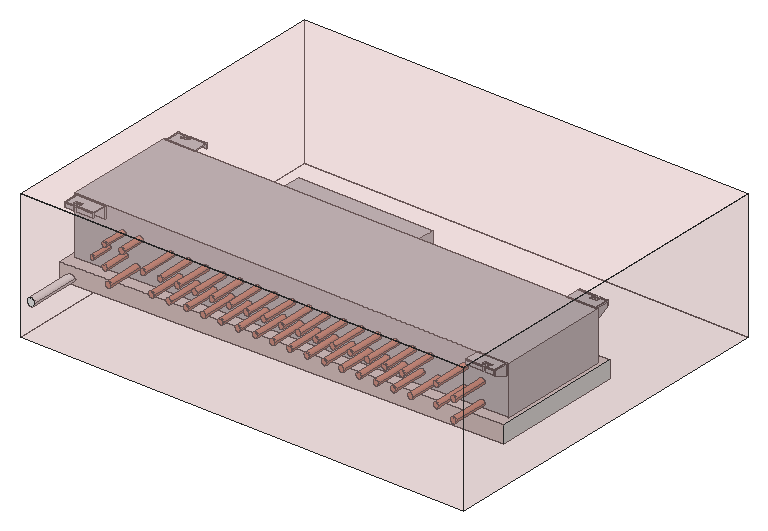
Revit family "CMB-WM1016V-AA", category Mechanical Equipment, host Ceiling, Revit 2016
Family settings
  Host = Ceiling
  Part Type = Normal
  Round Connector Dimension = Use Radius
  OmniClass Number = 23.75.00.00
  OmniClass Title = Climate Control (HVAC)
  Always vertical = Yes
  Cut with Voids When Loaded = No
  Shared = No
  Room Calculation Point = No
Parameters (values of type "CMB-WM1016V-AA_240V_60Hz_To P500")
  Description = "HBC controller"
  Manufacturer = "Mitsubishi Electric Corporation"
  Model = "CMB-WM1016V-AA"
  Width = 1800 mm
  WarrantyStart = ""
  Voltage = 240 V
  Unit Weight (kg) = 98
  URL = "http://www.mitsubishielectric.com/"
  TagNumber = 0
  Subcategory = "HVAC"
  Space View = yes
  Sound Pressure Level (dB(A)) = 41
  SerialNumber = 0
  ReplacementYear = ""
  Phase = 1
  Number of branch = 16
  InstallationDate = ""
  Indoor unit capacity connectable to 1 branch = "Model P80 or smaller (Use optional joint pipe combing 2 branches when the total unit capacity exceeds P81.)"
  Hertz = 60 Hz
  Height = 300 mm
  Heating Power Input (kW) = 0.47
  Heating Current (A) = 2.79
  External Finish = "Galvanized steel plate"
  Equip_description = ""
  Equip_No. = 0
  Equip_ID = ""
  Description = ""
  Depth = 630 mm
  CreatedOn = ""
  CreatedBy = ""
  Cooling Power Input (kW) = 0.47
  Cooling Current (A) = 2.79
  Connection pipe of outdoor/heat source unit (Low pressure)_radius = 11.1 mm
  Connection pipe of outdoor/heat source unit (High pressure)_radius = 9.525 mm
  Connection pipe of indoor unit (Outlet Pipe)_radius (I.D.) = 10 mm
  Connection pipe of indoor unit (Inlet Pipe)_radius (I.D.) = 10 mm
  Connectable Outdoor/Heat source Unit = "PURY-P500YNW-A(-BS)/PURY-EP500YNW-A(-BS)/PURY-P500YLM-A(-BS)/PURY-P500YLM-A1(-BS)/PURY-EP500YLM-A1(-BS)/PQRY-P500YLM-A2/PQRY-P500YLM-A1"
  Category = ""
  Barcode = ""
  AssetIdentifier = ""
Reference planes
  plane 1 "Center (Front/Back)": y = 0
  plane 2: z = 0
  plane 3 "Center (Left/Right)": x = 0
  plane 4 "Ceiling": z = 0.209
  plane 5: x = 740.001
  plane 6: x = -739.999
  plane 7: y = 963.043
  plane 8: y = 1625.043
  plane 9: y = 1625.043
  plane 10: y = 1625.043
  plane 11: y = 225.043
  plane 12: y = -424.957
  plane 13: x = 0
  plane 14: y = -271.474
  plane 15: z = 520.209
  plane 16: z = 420.209
  plane 17: z = 120.209
  plane 18: z = 336.209
  plane 19: z = 266.209
  plane 20: z = 346.209
  plane 21: z = 378.284
  plane 22: z = 240.209
  plane 23: x = -544
  plane 24: x = -474
  plane 25: y = -271.5
  plane 26 "front": y = -224.957
  plane 27: x = -716
  plane 28: z = 144.209
  plane 29: x = -544
  plane 30: z = 272.209
  plane 31: x = -603
  plane 32: x = -536
  plane 33: z = 267.209
  plane 34: x = -488
  plane 35: z = 240
  plane 36: x = 561
  plane 37: x = 631
  plane 38: z = 317.209
  plane 39: z = 347
  plane 40: z = 347.209
  plane 41: z = 269.209
  plane 42: z = 239.209
  plane 43 "31": y = -307.957
  plane 44 "43": y = -319.957
  plane 45 "61": y = -337.957
  plane 46 "63": y = -369.957
  plane 47 "160R": x = 600
  plane 48 "160L": x = -600
  plane 49 "250": y = 513.043
  plane 50: x = 150
  plane 51: x = -150
  plane 52: x = -760
  plane 53: x = 760
  plane 54: y = 353.043
  plane 55: y = -276.957
  plane 56: x = 1040
  plane 57: x = -689.5
  plane 58: x = 969.5
  plane 59 "1601": x = 841
  plane 60 "1671": x = 911
  plane 61: x = 1020
  plane 62 "300_L": x = -460
  plane 63 "300_R": x = 740
Forms (mm)
  Extrusion 1, solid, material "Plated steel"
    sketch origin (2.001, 0.043, 4120) x (-1, 0, 0) y (0, -1, 0)
      loop
        line (-1017.999, 225) -> (-1017.999, -225) -> (742, -225) -> (742, 225) -> (-1017.999, 225)
    from -3962.976 to -3699.791
  Extrusion 2, solid, material "Plated steel"
    sketch origin (569.8, 1.043, 4090.445) x (-1, 0, 0) y (0, 0, 1)
      loop
        line (865.976, -3712.162) -> (322.799, -3712.162) -> (322.799, -3850.236) -> (865.976, -3850.236) -> (865.976, -3712.162)
    from 224 to 352
  Extrusion 3, solid, material "Copper"
    sketch origin (-127.999, 0.043, 113.209) x (-1, 0, 0) y (0, 0, 1)
      loop
        circle (220, 223) r 11
    from -370 to -225
  Extrusion 4, solid, material "Copper"
    sketch origin (-57.999, 0.043, 113.209) x (-1, 0, 0) y (0, 0, 1)
      loop
        circle (220, 223) r 11
    from -370 to -225
  Extrusion 5, solid, material "Copper"
    sketch origin (12.001, 0.043, 113.209) x (-1, 0, 0) y (0, 0, 1)
      loop
        circle (220, 223) r 11
    from -370 to -225
  Extrusion 6, solid, material "Copper"
    sketch origin (82.001, 0.043, 113.209) x (-1, 0, 0) y (0, 0, 1)
      loop
        circle (220, 223) r 11
    from -370 to -225
  Extrusion 7, solid, material "Copper"
    sketch origin (152.001, 0.043, 113.209) x (-1, 0, 0) y (0, 0, 1)
      loop
        circle (220, 223) r 11
    from -370 to -225
  Extrusion 8, solid, material "Copper"
    sketch origin (222.001, 0.043, 113.209) x (-1, 0, 0) y (0, 0, 1)
      loop
        circle (220, 223) r 11
    from -370 to -225
  Extrusion 9, solid, material "Copper"
    sketch origin (292.001, 0.043, 113.209) x (-1, 0, 0) y (0, 0, 1)
      loop
        circle (220, 223) r 11
    from -370 to -225
  Extrusion 10, solid, material "Copper"
    sketch origin (362.401, -29.957, 113) x (-1, 0, 0) y (0, 0, 1)
      loop
        circle (220.382, 223.209) r 11
    from -340 to -195
  Extrusion 11, solid, material "Copper"
    sketch origin (-93, 0.043, 43.209) x (-1, 0, 0) y (0, 0, 1)
      loop
        circle (220, 223) r 11
    from -370 to -225
  Extrusion 12, solid, material "Copper"
    sketch origin (-23, 0.043, 43.209) x (-1, 0, 0) y (0, 0, 1)
      loop
        circle (220, 223) r 11
    from -370 to -225
  Extrusion 13, solid, material "Copper"
    sketch origin (47, 0.043, 43.209) x (-1, 0, 0) y (0, 0, 1)
      loop
        circle (220, 223) r 11
    from -370 to -225
  Extrusion 14, solid, material "Copper"
    sketch origin (117, 0.043, 43.209) x (-1, 0, 0) y (0, 0, 1)
      loop
        circle (220, 223) r 11
    from -370 to -225
  Extrusion 15, solid, material "Copper"
    sketch origin (187, 0.043, 43.209) x (-1, 0, 0) y (0, 0, 1)
      loop
        circle (220, 223) r 11
    from -370 to -225
  Extrusion 16, solid, material "Copper"
    sketch origin (257, 0.043, 43.209) x (-1, 0, 0) y (0, 0, 1)
      loop
        circle (220, 223) r 11
    from -370 to -225
  Extrusion 17, solid, material "Copper"
    sketch origin (327, 0.043, 43.209) x (-1, 0, 0) y (0, 0, 1)
      loop
        circle (220, 223) r 11
    from -370 to -225
  Extrusion 18, solid, material "Copper"
    sketch origin (397, -29.957, 43.209) x (-1, 0, 0) y (0, 0, 1)
      loop
        circle (220, 223) r 11
    from -340 to -195
  Extrusion 19, solid, material "Service space", visible <- "Space View"
    sketch origin (0.001, 0.043, 4120) x (1, 0, 0) y (0, 1, 0)
      loop
        line (1039.999, -477) -> (1039.999, 963) -> (-760.001, 963) -> (-760.001, -477) -> (1039.999, -477)
    from -4119.791 to -3599.791
  Extrusion 20, solid
    sketch origin (0, -224.957, -3999.791) x (0, 0, 1) y (1, 0, 0)
      loop
        circle (4144, -716) r 15.5
    from 0 to -252
  Extrusion 21, solid
    sketch origin (0, -224.957, -3999.791) x (0, 0, 1) y (1, 0, 0)
      loop
        circle (4346, -544) r 9.525
    from 0 to -95
  Extrusion 22, solid
    sketch origin (0, -224.957, -3999.791) x (0, 0, 1) y (1, 0, 0)
      loop
        circle (4346, -474) r 11.1
    from 0 to -95
  Extrusion 23, solid
    sketch origin (0, -224.957, -3999.791) x (0, 0, 1) y (1, 0, 0)
      loop
        circle (4272, -603) r 7.94
    from 0 to -83
  Extrusion 24, solid
    sketch origin (0, -224.957, -3999.791) x (0, 0, 1) y (1, 0, 0)
      loop
        circle (4267, -536) r 11
    from 0 to -103
  Extrusion 25, solid
    sketch origin (0, -224.957, -3999.791) x (0, 0, 1) y (1, 0, 0)
      loop
        circle (4240, -488) r 11
    from 0 to -145
  Extrusion 26, solid
    sketch origin (280, -224.957, -3999.791) x (0, 0, 1) y (1, 0, 0)
      loop
        circle (4347, 561) r 11
    from 0 to -145
  Extrusion 27, solid
    sketch origin (280, -224.957, -3999.791) x (0, 0, 1) y (1, 0, 0)
      loop
        circle (4317, 631) r 11
    from 0 to -145
  Extrusion 28, solid
    sketch origin (280, -224.957, -3999.791) x (0, 0, 1) y (1, 0, 0)
      loop
        circle (4269, 561) r 11
    from 0 to -145
  Extrusion 29, solid
    sketch origin (280, -224.957, -3999.791) x (0, 0, 1) y (1, 0, 0)
      loop
        circle (4239, 631) r 11
    from 0 to -145
  Extrusion 30, solid, material "Copper"
    sketch origin (432.401, -29.957, 113) x (-1, 0, 0) y (0, 0, 1)
      loop
        circle (220.382, 223.209) r 11
    from -340 to -195
  Extrusion 31, solid, material "Copper"
    sketch origin (502.401, -29.957, 113) x (-1, 0, 0) y (0, 0, 1)
      loop
        circle (220.382, 223.209) r 11
    from -340 to -195
  Extrusion 32, solid, material "Copper"
    sketch origin (572.401, -29.957, 113) x (-1, 0, 0) y (0, 0, 1)
      loop
        circle (220.382, 223.209) r 11
    from -340 to -195
  Extrusion 33, solid, material "Copper"
    sketch origin (642.401, -29.957, 113) x (-1, 0, 0) y (0, 0, 1)
      loop
        circle (220.382, 223.209) r 11
    from -340 to -195
  Extrusion 34, solid, material "Copper"
    sketch origin (712.401, -29.957, 113) x (-1, 0, 0) y (0, 0, 1)
      loop
        circle (220.382, 223.209) r 11
    from -340 to -195
  Extrusion 35, solid, material "Copper"
    sketch origin (782.401, -29.957, 113) x (-1, 0, 0) y (0, 0, 1)
      loop
        circle (220.382, 223.209) r 11
    from -340 to -195
  Extrusion 36, solid, material "Copper"
    sketch origin (852.401, -29.957, 113) x (-1, 0, 0) y (0, 0, 1)
      loop
        circle (220.382, 223.209) r 11
    from -340 to -195
  Extrusion 37, solid, material "Copper"
    sketch origin (922.401, -29.957, 113) x (-1, 0, 0) y (0, 0, 1)
      loop
        circle (220.382, 223.209) r 11
    from -340 to -195
  Extrusion 38, solid, material "Copper"
    sketch origin (467, -29.957, 43.209) x (-1, 0, 0) y (0, 0, 1)
      loop
        circle (220, 223) r 11
    from -340 to -195
  Extrusion 39, solid, material "Copper"
    sketch origin (537, -29.957, 43.209) x (-1, 0, 0) y (0, 0, 1)
      loop
        circle (220, 223) r 11
    from -340 to -195
  Extrusion 40, solid, material "Copper"
    sketch origin (607, -29.957, 43.209) x (-1, 0, 0) y (0, 0, 1)
      loop
        circle (220, 223) r 11
    from -340 to -195
  Extrusion 41, solid, material "Copper"
    sketch origin (677, -29.957, 43.209) x (-1, 0, 0) y (0, 0, 1)
      loop
        circle (220, 223) r 11
    from -340 to -195
  Extrusion 42, solid, material "Copper"
    sketch origin (747, -29.957, 43.209) x (-1, 0, 0) y (0, 0, 1)
      loop
        circle (220, 223) r 11
    from -340 to -195
  Extrusion 43, solid, material "Copper"
    sketch origin (817, -29.957, 43.209) x (-1, 0, 0) y (0, 0, 1)
      loop
        circle (220, 223) r 11
    from -340 to -195
  Extrusion 44, solid, material "Copper"
    sketch origin (887, -29.957, 43.209) x (-1, 0, 0) y (0, 0, 1)
      loop
        circle (220, 223) r 11
    from -340 to -195
  Extrusion 45, solid, material "Copper"
    sketch origin (957, -29.957, 43.209) x (-1, 0, 0) y (0, 0, 1)
      loop
        circle (220, 223) r 11
    from -340 to -195
Lines and regions (mm)
  model lines, visible <- "Space View"
    curve 1: line (-460, 963.043, 0.209) -> (-10, 963.043, 0.209)
    curve 2: line (-10, 963.043, 0.209) -> (-10, 513.043, 0.209)
    curve 3: line (-10, 513.043, 0.209) -> (-460, 513.043, 0.209)
    curve 4: line (-460, 513.043, 0.209) -> (-460, 963.043, 0.209)
    curve 5: line (-10, 963.043, 0.209) -> (-460, 513.043, 0.209)
    curve 6: line (-460, 963.043, 0.209) -> (-10, 513.043, 0.209)
    curve 7: line (740, 963.043, 0.209) -> (740, 513.043, 0.209)
    curve 8: line (740, 513.043, 0.209) -> (290, 513.043, 0.209)
    curve 9: line (290, 513.043, 0.209) -> (290, 963.043, 0.209)
    curve 10: line (290, 963.043, 0.209) -> (740, 963.043, 0.209)
    curve 11: line (740, 963.043, 0.209) -> (290, 513.043, 0.209)
    curve 12: line (290, 963.043, 0.209) -> (740, 513.043, 0.209)
Dimensions and locks
  equal spacing: host sketch curve, plane 3 "Center (Left/Right)", host sketch curve
  equal spacing: host sketch curve, plane 1 "Center (Front/Back)", host sketch curve
  host sketch curve to host sketch curve = 4000 mm  (x2)
  locked: plane 4 "Ceiling" to host ceiling at 0
  Extrusion 19 sketch curve to nested 1 = 700 mm
  locked: plane 4 "Ceiling" to plane 15 at 520
  locked: plane 4 "Ceiling" to plane 16 at 420
  locked: Extrusion 1 to plane 16 at 263.185
  locked: plane 17 to plane 16 at 300
  locked: plane 18 to plane 16 at 84
  locked: plane 19 to plane 16 at 154
  locked: plane 21 to plane 4 "Ceiling" at 378.075
  locked: plane 22 to plane 4 "Ceiling" at 240
  locked: Extrusion 19 to plane 27 at 44
  locked: Extrusion 1 to plane 28 at 276
  locked: Extrusion 1 to plane 20 at 74
  locked: Extrusion 19 to plane 29 at 216
  locked: Extrusion 19 to plane 24 at 286
  locked: Extrusion 1 to plane 30 at 148
  locked: Extrusion 19 to plane 31 at 157
  locked: Extrusion 19 to plane 32 at 224
  locked: Extrusion 1 to plane 33 at 153
  locked: Extrusion 19 to plane 34 at 272
  locked: Extrusion 1 to plane 22 at 180
  locked: Extrusion 19 to plane 36 at 1321
  locked: plane 37 to nested 1 at 1391
  locked: Extrusion 1 to plane 38 at 103
  locked: Extrusion 1 to plane 40 at 73
  locked: Extrusion 1 to plane 41 at 151
  locked: Extrusion 1 to plane 42 at 181
  Extrusion 20 to Extrusion 1 = 252 mm
  Extrusion 19 to nested 1 = 700 mm
  equal spacing: group 1, group 2, group 3, group 4, group 5, group 6, group 7, group 8, group 9  (x3)
  equal spacing: group 10, group 11, group 12, group 13, group 14, group 15, group 16, group 17, group 18  (x3)
  locked: nested 1 to plane 46 "63" at 93
  connector elem to plane 3 "Center (Left/Right)" = 137.999 mm
  radius of Extrusion 3 sketch curve = 11 mm
  radius of Extrusion 4 sketch curve = 11 mm
  radius of Extrusion 5 sketch curve = 11 mm
  radius of Extrusion 6 sketch curve = 11 mm
  radius of Extrusion 7 sketch curve = 11 mm
  radius of Extrusion 8 sketch curve = 11 mm
  radius of Extrusion 9 sketch curve = 11 mm
  radius of Extrusion 10 sketch curve = 11 mm
  radius of Extrusion 11 sketch curve = 11 mm
  radius of Extrusion 12 sketch curve = 11 mm
  radius of Extrusion 13 sketch curve = 11 mm
  radius of Extrusion 14 sketch curve = 11 mm
  radius of Extrusion 15 sketch curve = 11 mm
  radius of Extrusion 16 sketch curve = 11 mm
  radius of Extrusion 17 sketch curve = 11 mm
  radius of Extrusion 18 sketch curve = 11 mm
  radius of Extrusion 21 sketch curve = 9.525 mm
  radius of Extrusion 24 sketch curve = 11 mm
  radius of Extrusion 30 sketch curve = 11 mm
  radius of Extrusion 31 sketch curve = 11 mm
  radius of Extrusion 32 sketch curve = 11 mm
  radius of Extrusion 33 sketch curve = 11 mm
  radius of Extrusion 34 sketch curve = 11 mm
  radius of Extrusion 35 sketch curve = 11 mm
  radius of Extrusion 36 sketch curve = 11 mm
  radius of Extrusion 37 sketch curve = 11 mm
  radius of Extrusion 38 sketch curve = 11 mm
  radius of Extrusion 39 sketch curve = 11 mm
  radius of Extrusion 40 sketch curve = 11 mm
  radius of Extrusion 41 sketch curve = 11 mm
  radius of Extrusion 42 sketch curve = 11 mm
  radius of Extrusion 43 sketch curve = 11 mm
  radius of Extrusion 44 sketch curve = 11 mm
  radius of Extrusion 45 sketch curve = 11 mm
  aligned and locked: Extrusion 19 to nested 1
  aligned and locked: host ceiling to Extrusion 19
  aligned and locked: plane 15 to Extrusion 19
  aligned and locked: plane 16 to Extrusion 1
  aligned and locked: plane 16 to nested 2  (x2)
  aligned and locked: plane 16 to nested 4  (x2)
  aligned and locked: plane 17 to nested 1
  aligned and locked: plane 16 to nested 5
  aligned and locked: plane 16 to nested 3
  aligned and locked: plane 18 to Extrusion 3
  aligned and locked: plane 18 to Extrusion 4
  aligned and locked: plane 18 to Extrusion 5
  aligned and locked: plane 18 to Extrusion 6
  aligned and locked: plane 18 to Extrusion 7
  aligned and locked: plane 18 to Extrusion 9
  aligned and locked: plane 18 to Extrusion 10
  aligned and locked: plane 18 to Extrusion 8
  aligned and locked: plane 19 to Extrusion 11
  aligned and locked: plane 19 to Extrusion 12
  aligned and locked: plane 19 to Extrusion 13
  aligned and locked: plane 19 to Extrusion 14
  aligned and locked: plane 19 to Extrusion 15
  aligned and locked: plane 19 to Extrusion 16
  aligned and locked: plane 19 to Extrusion 17
  aligned and locked: plane 19 to Extrusion 18
  aligned and locked: plane 21 to Extrusion 2
  aligned and locked: Extrusion 2 to plane 22
  aligned and locked: Extrusion 2 to plane 21
  aligned and locked: plane 22 to Extrusion 2
  aligned and locked: Extrusion 1 to plane 26 "front"
  aligned and locked: plane 28 to Extrusion 20
  aligned and locked: plane 20 to Extrusion 21
  aligned and locked: plane 20 to Extrusion 22
  aligned and locked: plane 30 to Extrusion 23
  aligned and locked: plane 33 to Extrusion 24
  aligned and locked: plane 22 to Extrusion 25
  aligned and locked: plane 40 to Extrusion 26
  aligned and locked: plane 38 to Extrusion 27
  aligned and locked: plane 41 to Extrusion 28
  aligned and locked: plane 42 to Extrusion 29
  aligned and locked: Extrusion 1 to plane 61
  aligned and locked: plane 46 "63" to Extrusion 3
  aligned and locked: plane 46 "63" to Extrusion 11
  aligned and locked: plane 46 "63" to Extrusion 4
  aligned and locked: plane 46 "63" to Extrusion 12
  aligned and locked: plane 46 "63" to Extrusion 5
  aligned and locked: plane 46 "63" to Extrusion 13
  aligned and locked: plane 46 "63" to Extrusion 6
  aligned and locked: plane 46 "63" to Extrusion 14
  aligned and locked: plane 46 "63" to Extrusion 15
  aligned and locked: plane 46 "63" to Extrusion 7
  aligned and locked: plane 46 "63" to Extrusion 8
  aligned and locked: plane 46 "63" to Extrusion 16
  aligned and locked: plane 46 "63" to Extrusion 9
  aligned and locked: plane 46 "63" to Extrusion 17
  aligned and locked: plane 46 "63" to Extrusion 10
  aligned and locked: Extrusion 10 to Extrusion 1
Nested families
  nested 1: "drain_pac" at (-45, 0.043, 120.209) x (-1, 0, 0) z (0, 0, 1), type "drain_pac"
  nested 2: "turikanagu" at (969.532, 251.069, 417.209), type "turikanagu"
  nested 3: "turikanagu" at (-689.531, -250.984, 417.209) x (-1, 0, 0) z (0, 0, 1), type "turikanagu"
  nested 4: "turikanagu_2" at (-657.331, 251.069, 417.209), type "turikanagu_2"
  nested 5: "turikanagu_2" at (937.332, -250.957, 417.209) x (-1, 0, 0) z (0, 0, 1), type "turikanagu_2"
Connectors
  piping at (-347.999, -369.957, 336.209), diameter 22
    settings: on Extrusion 3, index 65, connector inside diameter 22 mm, connector length 0 mm, flow factor 0, pipe flow 0.0 L/s, pressure drop 0.0 Pa, fitting loss kfactor 0, connector angle 0.00°, fixture units 0, engagement length 0 mm, angle of deflection 0.00°, flow configuration 0, flow direction 1, fitting loss method 0, system type 22, joint type 0, gender type 0, connector reference index -1, connector utility 0, adjustable connector no, is connector primary yes, connector description "Connection pipe from indoor unit"
  piping at (-313, -369.957, 266.209), diameter 22
    settings: on Extrusion 11, index 66, connector inside diameter 22 mm, connector length 0 mm, flow factor 0, pipe flow 0.0 L/s, pressure drop 0.0 Pa, fitting loss kfactor 0, connector angle 0.00°, fixture units 0, engagement length 0 mm, angle of deflection 0.00°, flow configuration 0, flow direction 2, fitting loss method 0, system type 22, joint type 0, gender type 0, connector reference index -1, connector utility 0, adjustable connector no, is connector primary no, connector description "Connection pipe to indoor unit"
  piping at (-277.999, -369.957, 336.209), diameter 22
    settings: on Extrusion 4, index 68, connector inside diameter 22 mm, connector length 0 mm, flow factor 0, pipe flow 0.0 L/s, pressure drop 0.0 Pa, fitting loss kfactor 0, connector angle 0.00°, fixture units 0, engagement length 0 mm, angle of deflection 0.00°, flow configuration 0, flow direction 1, fitting loss method 0, system type 22, joint type 0, gender type 0, connector reference index -1, connector utility 0, adjustable connector no, is connector primary no, connector description "Connection pipe from indoor unit"
  piping at (-207.999, -369.957, 336.209), diameter 22
    settings: on Extrusion 5, index 69, connector inside diameter 22 mm, connector length 0 mm, flow factor 0, pipe flow 0.0 L/s, pressure drop 0.0 Pa, fitting loss kfactor 0, connector angle 0.00°, fixture units 0, engagement length 0 mm, angle of deflection 0.00°, flow configuration 0, flow direction 1, fitting loss method 0, system type 22, joint type 0, gender type 0, connector reference index -1, connector utility 0, adjustable connector no, is connector primary no, connector description "Connection pipe from indoor unit"
  piping at (-137.999, -369.957, 336.209), diameter 22
    settings: on Extrusion 6, index 70, connector inside diameter 22 mm, connector length 0 mm, flow factor 0, pipe flow 0.0 L/s, pressure drop 0.0 Pa, fitting loss kfactor 0, connector angle 0.00°, fixture units 0, engagement length 0 mm, angle of deflection 0.00°, flow configuration 0, flow direction 1, fitting loss method 0, system type 22, joint type 0, gender type 0, connector reference index -1, connector utility 0, adjustable connector no, is connector primary no, connector description "Connection pipe from indoor unit"
  piping at (-67.999, -369.957, 336.209), diameter 22
    settings: on Extrusion 7, index 71, connector inside diameter 22 mm, connector length 0 mm, flow factor 0, pipe flow 0.0 L/s, pressure drop 0.0 Pa, fitting loss kfactor 0, connector angle 0.00°, fixture units 0, engagement length 0 mm, angle of deflection 0.00°, flow configuration 0, flow direction 1, fitting loss method 0, system type 22, joint type 0, gender type 0, connector reference index -1, connector utility 0, adjustable connector no, is connector primary no, connector description "Connection pipe from indoor unit"
  piping at (2.001, -369.957, 336.209), diameter 22
    settings: on Extrusion 8, index 72, connector inside diameter 22 mm, connector length 0 mm, flow factor 0, pipe flow 0.0 L/s, pressure drop 0.0 Pa, fitting loss kfactor 0, connector angle 0.00°, fixture units 0, engagement length 0 mm, angle of deflection 0.00°, flow configuration 0, flow direction 1, fitting loss method 0, system type 22, joint type 0, gender type 0, connector reference index -1, connector utility 0, adjustable connector no, is connector primary no, connector description "Connection pipe from indoor unit"
  piping at (72.001, -369.957, 336.209), diameter 22
    settings: on Extrusion 9, index 73, connector inside diameter 22 mm, connector length 0 mm, flow factor 0, pipe flow 0.0 L/s, pressure drop 0.0 Pa, fitting loss kfactor 0, connector angle 0.00°, fixture units 0, engagement length 0 mm, angle of deflection 0.00°, flow configuration 0, flow direction 1, fitting loss method 0, system type 22, joint type 0, gender type 0, connector reference index -1, connector utility 0, adjustable connector no, is connector primary no, connector description "Connection pipe from indoor unit"
  piping at (142.019, -369.957, 336.209), diameter 22
    settings: on Extrusion 10, index 74, connector inside diameter 22 mm, connector length 0 mm, flow factor 0, pipe flow 0.0 L/s, pressure drop 0.0 Pa, fitting loss kfactor 0, connector angle 0.00°, fixture units 0, engagement length 0 mm, angle of deflection 0.00°, flow configuration 0, flow direction 1, fitting loss method 0, system type 22, joint type 0, gender type 0, connector reference index -1, connector utility 0, adjustable connector no, is connector primary no, connector description "Connection pipe from indoor unit"
  piping at (-243, -369.957, 266.209), diameter 22
    settings: on Extrusion 12, index 75, connector inside diameter 22 mm, connector length 0 mm, flow factor 0, pipe flow 0.0 L/s, pressure drop 0.0 Pa, fitting loss kfactor 0, connector angle 0.00°, fixture units 0, engagement length 0 mm, angle of deflection 0.00°, flow configuration 0, flow direction 2, fitting loss method 0, system type 22, joint type 0, gender type 0, connector reference index -1, connector utility 0, adjustable connector no, is connector primary no, connector description "Connection pipe to indoor unit"
  piping at (-173, -369.957, 266.209), diameter 22
    settings: on Extrusion 13, index 76, connector inside diameter 22 mm, connector length 0 mm, flow factor 0, pipe flow 0.0 L/s, pressure drop 0.0 Pa, fitting loss kfactor 0, connector angle 0.00°, fixture units 0, engagement length 0 mm, angle of deflection 0.00°, flow configuration 0, flow direction 2, fitting loss method 0, system type 22, joint type 0, gender type 0, connector reference index -1, connector utility 0, adjustable connector no, is connector primary no, connector description "Connection pipe to indoor unit"
  piping at (-103, -369.957, 266.209), diameter 22
    settings: on Extrusion 14, index 77, connector inside diameter 22 mm, connector length 0 mm, flow factor 0, pipe flow 0.0 L/s, pressure drop 0.0 Pa, fitting loss kfactor 0, connector angle 0.00°, fixture units 0, engagement length 0 mm, angle of deflection 0.00°, flow configuration 0, flow direction 2, fitting loss method 0, system type 22, joint type 0, gender type 0, connector reference index -1, connector utility 0, adjustable connector no, is connector primary no, connector description "Connection pipe to indoor unit"
  piping at (-33, -369.957, 266.209), diameter 22
    settings: on Extrusion 15, index 78, connector inside diameter 22 mm, connector length 0 mm, flow factor 0, pipe flow 0.0 L/s, pressure drop 0.0 Pa, fitting loss kfactor 0, connector angle 0.00°, fixture units 0, engagement length 0 mm, angle of deflection 0.00°, flow configuration 0, flow direction 2, fitting loss method 0, system type 22, joint type 0, gender type 0, connector reference index -1, connector utility 0, adjustable connector no, is connector primary no, connector description "Connection pipe to indoor unit"
  piping at (37, -369.957, 266.209), diameter 22
    settings: on Extrusion 16, index 79, connector inside diameter 22 mm, connector length 0 mm, flow factor 0, pipe flow 0.0 L/s, pressure drop 0.0 Pa, fitting loss kfactor 0, connector angle 0.00°, fixture units 0, engagement length 0 mm, angle of deflection 0.00°, flow configuration 0, flow direction 2, fitting loss method 0, system type 22, joint type 0, gender type 0, connector reference index -1, connector utility 0, adjustable connector no, is connector primary no, connector description "Connection pipe to indoor unit"
  piping at (107, -369.957, 266.209), diameter 22
    settings: on Extrusion 17, index 80, connector inside diameter 22 mm, connector length 0 mm, flow factor 0, pipe flow 0.0 L/s, pressure drop 0.0 Pa, fitting loss kfactor 0, connector angle 0.00°, fixture units 0, engagement length 0 mm, angle of deflection 0.00°, flow configuration 0, flow direction 2, fitting loss method 0, system type 22, joint type 0, gender type 0, connector reference index -1, connector utility 0, adjustable connector no, is connector primary no, connector description "Connection pipe to indoor unit"
  piping at (177, -369.957, 266.209), diameter 22
    settings: on Extrusion 18, index 81, connector inside diameter 22 mm, connector length 0 mm, flow factor 0, pipe flow 0.0 L/s, pressure drop 0.0 Pa, fitting loss kfactor 0, connector angle 0.00°, fixture units 0, engagement length 0 mm, angle of deflection 0.00°, flow configuration 0, flow direction 2, fitting loss method 0, system type 22, joint type 0, gender type 0, connector reference index -1, connector utility 0, adjustable connector no, is connector primary no, connector description "Connection pipe to indoor unit"
  piping at (841, -369.957, 347.209), diameter 22
    settings: on Extrusion 26, index 100, connector inside diameter 22 mm, connector length 0 mm, flow factor 0, pipe flow 0.0 L/s, pressure drop 0.0 Pa, fitting loss kfactor 0, connector angle 0.00°, fixture units 0, engagement length 0 mm, angle of deflection 0.00°, flow configuration 0, flow direction 2, fitting loss method 0, system type 22, joint type 0, gender type 0, connector reference index -1, connector utility 0, adjustable connector no, is connector primary no, connector description "Connection pipe to SUB HBC"
  piping at (911, -369.957, 317.209), diameter 22
    settings: on Extrusion 27, index 101, connector inside diameter 22 mm, connector length 0 mm, flow factor 0, pipe flow 0.0 L/s, pressure drop 0.0 Pa, fitting loss kfactor 0, connector angle 0.00°, fixture units 0, engagement length 0 mm, angle of deflection 0.00°, flow configuration 0, flow direction 1, fitting loss method 0, system type 22, joint type 0, gender type 0, connector reference index -1, connector utility 0, adjustable connector no, is connector primary no, connector description "Connection pipe from SUB HBC"
  piping at (841, -369.957, 269.209), diameter 22
    settings: on Extrusion 28, index 103, connector inside diameter 22 mm, connector length 0 mm, flow factor 0, pipe flow 0.0 L/s, pressure drop 0.0 Pa, fitting loss kfactor 0, connector angle 0.00°, fixture units 0, engagement length 0 mm, angle of deflection 0.00°, flow configuration 0, flow direction 2, fitting loss method 0, system type 22, joint type 0, gender type 0, connector reference index -1, connector utility 0, adjustable connector no, is connector primary no, connector description "Connection pipe to SUB HBC"
  electrical at (247.001, 289.043, 309.246), driven by "Phase", driven by "Voltage"
    settings: on Extrusion 2, index 105, voltage 240 V, apparent load 0 VA, apparent load phase1 0 VA, apparent load phase2 0 VA, apparent load phase3 0 VA, power factor 1, load classification "Other", number of poles 1, system type 30, power factor state 1, is connector primary yes, connector utility no, sub classification motor no, connector description ""
  piping at (-716, -476.957, 144.209), diameter 32
    settings: on Extrusion 20, index 106, connector inside diameter 32 mm, connector length 0 mm, flow factor 0, pipe flow 0.0 L/s, pressure drop 0.0 Pa, fitting loss kfactor 0, connector angle 0.00°, fixture units 0, engagement length 0 mm, angle of deflection 0.00°, flow configuration 0, flow direction 2, fitting loss method 0, system type 22, joint type 0, gender type 0, connector reference index -1, connector utility 0, adjustable connector no, is connector primary no, connector description "Drain pipe"
  piping at (-488, -369.957, 240.209), diameter 22
    settings: on Extrusion 25, index 107, connector inside diameter 22 mm, connector length 0 mm, flow factor 0, pipe flow 0.0 L/s, pressure drop 0.0 Pa, fitting loss kfactor 0, connector angle 0.00°, fixture units 0, engagement length 0 mm, angle of deflection 0.00°, flow configuration 0, flow direction 1, fitting loss method 0, system type 22, joint type 0, gender type 0, connector reference index -1, connector utility 0, adjustable connector no, is connector primary no, connector description "Water pipe (Inlet)"
  piping at (-536, -327.957, 267.209), diameter 22
    settings: on Extrusion 24, index 108, connector inside diameter 22 mm, connector length 0 mm, flow factor 0, pipe flow 0.0 L/s, pressure drop 0.0 Pa, fitting loss kfactor 0, connector angle 0.00°, fixture units 0, engagement length 0 mm, angle of deflection 0.00°, flow configuration 0, flow direction 2, fitting loss method 0, system type 22, joint type 0, gender type 0, connector reference index -1, connector utility 0, adjustable connector no, is connector primary no, connector description "Water pipe (EXP. Tank)"
  piping at (-474, -319.957, 346.209), diameter 22.2
    settings: on Extrusion 22, index 109, connector inside diameter 22.2 mm, connector length 0 mm, flow factor 0, pipe flow 0.0 L/s, pressure drop 0.0 Pa, fitting loss kfactor 0, connector angle 0.00°, fixture units 0, engagement length 0 mm, angle of deflection 0.00°, flow configuration 0, flow direction 0, fitting loss method 0, system type 22, joint type 0, gender type 0, connector reference index -1, connector utility 0, adjustable connector no, is connector primary no, connector description "Connection pipe of outdoor/heat source unit (Low pressure)"
  piping at (-603, -307.957, 272.209), diameter 15.8
    settings: on Extrusion 23, index 110, connector inside diameter 15.8 mm, connector length 0 mm, flow factor 0, pipe flow 0.0 L/s, pressure drop 0.0 Pa, fitting loss kfactor 0, connector angle 0.00°, fixture units 0, engagement length 0 mm, angle of deflection 0.00°, flow configuration 0, flow direction 1, fitting loss method 0, system type 22, joint type 0, gender type 0, connector reference index -1, connector utility 0, adjustable connector no, is connector primary no, connector description "Connection pipe from MAIN HBC"
  piping at (-544, -319.957, 346.209), diameter 19
    settings: on Extrusion 21, index 111, connector inside diameter 19 mm, connector length 0 mm, flow factor 0, pipe flow 0.0 L/s, pressure drop 0.0 Pa, fitting loss kfactor 0, connector angle 0.00°, fixture units 0, engagement length 0 mm, angle of deflection 0.00°, flow configuration 0, flow direction 0, fitting loss method 0, system type 22, joint type 0, gender type 0, connector reference index -1, connector utility 0, adjustable connector no, is connector primary no, connector description "Connection pipe of outdoor/heat source unit (High pressure)"
  piping at (212.019, -369.957, 336.209), diameter 22
    settings: on Extrusion 30, index 112, connector inside diameter 22 mm, connector length 0 mm, flow factor 0, pipe flow 0.0 L/s, pressure drop 0.0 Pa, fitting loss kfactor 0, connector angle 0.00°, fixture units 0, engagement length 0 mm, angle of deflection 0.00°, flow configuration 0, flow direction 1, fitting loss method 0, system type 22, joint type 0, gender type 0, connector reference index -1, connector utility 0, adjustable connector no, is connector primary no, connector description "Connection pipe from indoor unit"
  piping at (282.019, -369.957, 336.209), diameter 22
    settings: on Extrusion 31, index 113, connector inside diameter 22 mm, connector length 0 mm, flow factor 0, pipe flow 0.0 L/s, pressure drop 0.0 Pa, fitting loss kfactor 0, connector angle 0.00°, fixture units 0, engagement length 0 mm, angle of deflection 0.00°, flow configuration 0, flow direction 1, fitting loss method 0, system type 22, joint type 0, gender type 0, connector reference index -1, connector utility 0, adjustable connector no, is connector primary no, connector description "Connection pipe from indoor unit"
  piping at (352.019, -369.957, 336.209), diameter 22
    settings: on Extrusion 32, index 114, connector inside diameter 22 mm, connector length 0 mm, flow factor 0, pipe flow 0.0 L/s, pressure drop 0.0 Pa, fitting loss kfactor 0, connector angle 0.00°, fixture units 0, engagement length 0 mm, angle of deflection 0.00°, flow configuration 0, flow direction 1, fitting loss method 0, system type 22, joint type 0, gender type 0, connector reference index -1, connector utility 0, adjustable connector no, is connector primary no, connector description "Connection pipe from indoor unit"
  piping at (422.019, -369.957, 336.209), diameter 22
    settings: on Extrusion 33, index 115, connector inside diameter 22 mm, connector length 0 mm, flow factor 0, pipe flow 0.0 L/s, pressure drop 0.0 Pa, fitting loss kfactor 0, connector angle 0.00°, fixture units 0, engagement length 0 mm, angle of deflection 0.00°, flow configuration 0, flow direction 1, fitting loss method 0, system type 22, joint type 0, gender type 0, connector reference index -1, connector utility 0, adjustable connector no, is connector primary no, connector description "Connection pipe from indoor unit"
  piping at (492.019, -369.957, 336.209), diameter 22
    settings: on Extrusion 34, index 116, connector inside diameter 22 mm, connector length 0 mm, flow factor 0, pipe flow 0.0 L/s, pressure drop 0.0 Pa, fitting loss kfactor 0, connector angle 0.00°, fixture units 0, engagement length 0 mm, angle of deflection 0.00°, flow configuration 0, flow direction 1, fitting loss method 0, system type 22, joint type 0, gender type 0, connector reference index -1, connector utility 0, adjustable connector no, is connector primary no, connector description "Connection pipe from indoor unit"
  piping at (562.019, -369.957, 336.209), diameter 22
    settings: on Extrusion 35, index 117, connector inside diameter 22 mm, connector length 0 mm, flow factor 0, pipe flow 0.0 L/s, pressure drop 0.0 Pa, fitting loss kfactor 0, connector angle 0.00°, fixture units 0, engagement length 0 mm, angle of deflection 0.00°, flow configuration 0, flow direction 1, fitting loss method 0, system type 22, joint type 0, gender type 0, connector reference index -1, connector utility 0, adjustable connector no, is connector primary no, connector description "Connection pipe from indoor unit"
  piping at (632.019, -369.957, 336.209), diameter 22
    settings: on Extrusion 36, index 118, connector inside diameter 22 mm, connector length 0 mm, flow factor 0, pipe flow 0.0 L/s, pressure drop 0.0 Pa, fitting loss kfactor 0, connector angle 0.00°, fixture units 0, engagement length 0 mm, angle of deflection 0.00°, flow configuration 0, flow direction 1, fitting loss method 0, system type 22, joint type 0, gender type 0, connector reference index -1, connector utility 0, adjustable connector no, is connector primary no, connector description "Connection pipe from indoor unit"
  piping at (702.019, -369.957, 336.209), diameter 22
    settings: on Extrusion 37, index 119, connector inside diameter 22 mm, connector length 0 mm, flow factor 0, pipe flow 0.0 L/s, pressure drop 0.0 Pa, fitting loss kfactor 0, connector angle 0.00°, fixture units 0, engagement length 0 mm, angle of deflection 0.00°, flow configuration 0, flow direction 1, fitting loss method 0, system type 22, joint type 0, gender type 0, connector reference index -1, connector utility 0, adjustable connector no, is connector primary no, connector description "Connection pipe from indoor unit"
  piping at (247, -369.957, 266.209), diameter 22
    settings: on Extrusion 38, index 120, connector inside diameter 22 mm, connector length 0 mm, flow factor 0, pipe flow 0.0 L/s, pressure drop 0.0 Pa, fitting loss kfactor 0, connector angle 0.00°, fixture units 0, engagement length 0 mm, angle of deflection 0.00°, flow configuration 0, flow direction 2, fitting loss method 0, system type 22, joint type 0, gender type 0, connector reference index -1, connector utility 0, adjustable connector no, is connector primary no, connector description "Connection pipe to indoor unit"
  piping at (317, -369.957, 266.209), diameter 22
    settings: on Extrusion 39, index 121, connector inside diameter 22 mm, connector length 0 mm, flow factor 0, pipe flow 0.0 L/s, pressure drop 0.0 Pa, fitting loss kfactor 0, connector angle 0.00°, fixture units 0, engagement length 0 mm, angle of deflection 0.00°, flow configuration 0, flow direction 2, fitting loss method 0, system type 22, joint type 0, gender type 0, connector reference index -1, connector utility 0, adjustable connector no, is connector primary no, connector description "Connection pipe to indoor unit"
  piping at (387, -369.957, 266.209), diameter 22
    settings: on Extrusion 40, index 122, connector inside diameter 22 mm, connector length 0 mm, flow factor 0, pipe flow 0.0 L/s, pressure drop 0.0 Pa, fitting loss kfactor 0, connector angle 0.00°, fixture units 0, engagement length 0 mm, angle of deflection 0.00°, flow configuration 0, flow direction 2, fitting loss method 0, system type 22, joint type 0, gender type 0, connector reference index -1, connector utility 0, adjustable connector no, is connector primary no, connector description "Connection pipe to indoor unit"
  piping at (457, -369.957, 266.209), diameter 22
    settings: on Extrusion 41, index 123, connector inside diameter 22 mm, connector length 0 mm, flow factor 0, pipe flow 0.0 L/s, pressure drop 0.0 Pa, fitting loss kfactor 0, connector angle 0.00°, fixture units 0, engagement length 0 mm, angle of deflection 0.00°, flow configuration 0, flow direction 2, fitting loss method 0, system type 22, joint type 0, gender type 0, connector reference index -1, connector utility 0, adjustable connector no, is connector primary no, connector description "Connection pipe to indoor unit"
  piping at (527, -369.957, 266.209), diameter 22
    settings: on Extrusion 42, index 124, connector inside diameter 22 mm, connector length 0 mm, flow factor 0, pipe flow 0.0 L/s, pressure drop 0.0 Pa, fitting loss kfactor 0, connector angle 0.00°, fixture units 0, engagement length 0 mm, angle of deflection 0.00°, flow configuration 0, flow direction 2, fitting loss method 0, system type 22, joint type 0, gender type 0, connector reference index -1, connector utility 0, adjustable connector no, is connector primary no, connector description "Connection pipe to indoor unit"
  piping at (597, -369.957, 266.209), diameter 22
    settings: on Extrusion 43, index 125, connector inside diameter 22 mm, connector length 0 mm, flow factor 0, pipe flow 0.0 L/s, pressure drop 0.0 Pa, fitting loss kfactor 0, connector angle 0.00°, fixture units 0, engagement length 0 mm, angle of deflection 0.00°, flow configuration 0, flow direction 2, fitting loss method 0, system type 22, joint type 0, gender type 0, connector reference index -1, connector utility 0, adjustable connector no, is connector primary no, connector description "Connection pipe to indoor unit"
  piping at (667, -369.957, 266.209), diameter 22
    settings: on Extrusion 44, index 126, connector inside diameter 22 mm, connector length 0 mm, flow factor 0, pipe flow 0.0 L/s, pressure drop 0.0 Pa, fitting loss kfactor 0, connector angle 0.00°, fixture units 0, engagement length 0 mm, angle of deflection 0.00°, flow configuration 0, flow direction 2, fitting loss method 0, system type 22, joint type 0, gender type 0, connector reference index -1, connector utility 0, adjustable connector no, is connector primary no, connector description "Connection pipe to indoor unit"
  piping at (737, -369.957, 266.209), diameter 22
    settings: on Extrusion 45, index 127, connector inside diameter 22 mm, connector length 0 mm, flow factor 0, pipe flow 0.0 L/s, pressure drop 0.0 Pa, fitting loss kfactor 0, connector angle 0.00°, fixture units 0, engagement length 0 mm, angle of deflection 0.00°, flow configuration 0, flow direction 2, fitting loss method 0, system type 22, joint type 0, gender type 0, connector reference index -1, connector utility 0, adjustable connector no, is connector primary no, connector description "Connection pipe to indoor unit"
  piping at (911, -369.957, 239.209), diameter 22.2
    settings: on Extrusion 29, index 128, connector inside diameter 609.6 mm, connector length 0 mm, flow factor 0, pipe flow 0.0 L/s, pressure drop 0.0 Pa, fitting loss kfactor 0, connector angle 0.00°, fixture units 0, engagement length 0 mm, angle of deflection 0.00°, flow configuration 0, flow direction 1, fitting loss method 0, system type 22, joint type 0, gender type 0, connector reference index -1, connector utility 0, adjustable connector no, is connector primary no, connector description ""
Definition of nested family "drain_pac"
  Parameters
    Manufacturer = "Mitsubishi Electric Corporation\r\n"
    Voltage = 0 V
    Unit Weight (kg) = 0
    URL = "http://global.mitsubishielectric.com/"
    Subcategory = "HVAC\r\n"
    Space View = yes
    Sound Pressure Level_Mid2 (dB(A)) = 0
    Sound Pressure Level_Mid1 (dB(A)) = 0
    Sound Pressure Level_Mid (dB(A)) = 0
    Sound Pressure Level_Low (dB(A)) = 0
    Sound Pressure Level_High (dB(A)) = 0
    Sound Pressure Level (dB(A)) = 0
    Refrigerant type = ""
    Refrigerant Charge (kg) = 0
    Protection Devices_Inverter circuit (COMP./FAN) = ""
    Protection Devices_High pressure (MPa) = ""
    Protection Devices_Fan motor = ""
    Protection Devices_Compressor = ""
    Protection Device = ""
    Phase = 1
    Maximum Overcurrent Protection (A) = 0
    Maximum Circuit Ampacity (A) = 0
    Indoor Unit Total Capacity = ""
    Indoor Unit Model/Quantity = ""
    Hertz = 0 Hz
    Heating Power Input (kW) = 0
    Heating Current (A) = 0
    Heating Capacity (BTU) = 0
    Fan_Type = ""
    Fan_Quantity = 0
    Fan Motor Output (kW) = 0
    External Material = ""
    Cooling Power Input (kW) = 0
    Cooling Current (A) = 0
    Cooling Capacity (BTU) = 0
    Connectable Outdoor Unit = ""
    Compressor_Type = ""
    Compressor_Quantity = 0
    Compressor_Lubricant = ""
    Compressor Motor Output (kW) = 0
    Compressor Case Heater (kW) = 0
    Airflow Rate_Mid2 (cfm) = 0
    Airflow Rate_Mid1 (cfm) = 0
    Airflow Rate_Mid (cfm) = 0
    Airflow Rate_Low (cfm) = 0
    Airflow Rate_High (cfm) = 0
    Airflow Rate (cfm) = 0
  Reference planes
    plane 1 "中心(正面/背面)": y = 0
    plane 2: z = 0
    plane 3 "中心(左/右)": x = -45
    plane 4: y = 277
    plane 5: x = 715
    plane 6: y = -263
    plane 7: x = -1085
    plane 8 "1800": x = -1085
  Forms (mm)
    Extrusion 1, solid
      sketch origin (-150, 0, 0) x (-1, 0, 0) y (0, 0, 1)
        loop
          line (-865, 0) -> (935, 37.973) -> (935, 105.907) -> (-865, 67.934) -> (-865, 0)
      from -263 to 277
  Dimensions and locks
    aligned and locked: plane 4 to Extrusion 1
Definition of nested family "turikanagu"
  Parameters
    Width = 0 mm
    Voltage = 0 V
    Unit Weight (kg) = 0
    URL = "http://www.mitsubishielectric.com/"
    Subcategory = "HVAC"
    Space View = yes
    Sound Pressure Level_Mid2 (dB(A)) = 0
    Sound Pressure Level_Mid1 (dB(A)) = 0
    Sound Pressure Level_Low (dB(A)) = 0
    Sound Pressure Level_High (dB(A)) = 0
    Phase = 1
    Manufacturer = "Mitsubishi Electric Corporation"
    Liquid pipe_radius = 0 mm
    Hertz = 0 Hz
    Height = 0 mm
    Heating Power Input (kW) = 0
    Heating Current (A) = 0
    Gas pipe_radius = 0 mm
    Fan_Type = ""
    Fan_Quantity = 0
    Fan Motor Output (kW) = 0
    External Finish = ""
    Drain pipe_radius = 0 mm
    Depth = 0 mm
    Cooling Power Input (kW) = 0
    Cooling Current (A) = 0
    Airflow Rate_Mid2 (m3/min) = 0
    Airflow Rate_Mid1 (m3/min) = 0
    Airflow Rate_Low (m3/min) = 0
    Airflow Rate_High (m3/min) = 0
  Reference planes
    plane 1 "Center (Front/Back)": y = 0
    plane 2: z = 0
    plane 3 "Center (Left/Right)": x = 0
    plane 4 "F": y = 37.5
    plane 5 "R": x = 42.319
    plane 6 "b": y = -37.5
    plane 7: x = 6
    plane 8: x = -6
    plane 9: x = 6
    plane 10: y = -19
    plane 11: y = -26
    plane 12: x = -74.681
  Forms (mm)
    Extrusion 1, solid
      sketch origin (-510.395, -78.393, 0) x (1, 0, 0) y (0, 1, 0)
        loop
          line (435.714, 115.893) -> (435.714, 52.393) -> (552.714, 52.393) -> (552.714, 115.893) -> (435.714, 115.893)
      from 0 to 3
    Extrusion 2, void
      sketch origin (0, -37.5, 0) x (1, 0, 0) y (0, 1, 0)
        loop
          line (-6, 75) -> (-6, 65) -> (-12.974, 65)
          arc (-12.974, 65) -> (-14.407, 64.407) -> (-15, 62.974) r 2.026
          line (-15, 62.974) -> (-15, 52.973)
          arc (-15, 52.973) -> (-14.422, 51.578) -> (-13.027, 51) r 1.973
          line (-13.027, 51) -> (12.963, 51)
          arc (12.963, 51) -> (14.403, 51.597) -> (15, 53.037) r 2.037
          line (15, 53.037) -> (15, 62.996)
          arc (15, 62.996) -> (14.413, 64.413) -> (12.996, 65) r 2.004
          line (12.996, 65) -> (6, 65) -> (6, 75) -> (-6, 75)
      from 0 to 3
    Extrusion 3, solid
      sketch origin (0, -37.5, 0) x (-1, 0, 0) y (0, 0, 1)
        loop
          line (74.681, 3) -> (-42.319, 3) -> (-42.319, -45) -> (74.681, -45) -> (74.681, 3)
      from 11.5 to 14.5
    Extrusion 4, solid
      sketch origin (0, 37.5, 0) x (1, 0, 0) y (0, 0, 1)
        loop
          line (42.319, 3) -> (-74.681, 3) -> (-74.681, -15.622) -> (42.319, -15.622) -> (42.319, 3)
      from 0 to 3
    Extrusion 5, void
      sketch origin (0, 37.5, 0) x (1, 0, 0) y (0, 0, 1)
        loop
          line (6, 3) -> (-6, 3) -> (-6, -15.622) -> (6, -15.622) -> (6, 3)
      from 0 to 3
    Extrusion 6, solid
      sketch origin (42.319, 0, 0) x (0, -1, 0) y (0, 0, 1)
        loop
          line (26, 3) -> (-37.5, 3) -> (-37.5, -15.622) -> (23, -45) -> (26, -45) -> (26, 3)
      from 0 to 3
  Cuts and joins
    Extrusion 2, Extrusion 5 cuts Extrusion 1
    Extrusion 5 cuts Extrusion 4
  Dimensions and locks
    plane 3 "Center (Left/Right)" to Extrusion 1 = 42.319 mm
    Extrusion 1 to Extrusion 1 = 63.5 mm
    cut or joined group of Extrusion 1, Extrusion 2, Extrusion 5 to cut or joined group of Extrusion 1, Extrusion 2, Extrusion 5 = 117 mm
    aligned and locked: level to plane 2
Definition of nested family "turikanagu_2"
  Parameters
    Width = 0 mm
    Voltage = 0 V
    Unit Weight (kg) = 0
    URL = "http://www.mitsubishielectric.com/"
    Subcategory = "HVAC"
    Space View = yes
    Sound Pressure Level_Mid2 (dB(A)) = 0
    Sound Pressure Level_Mid1 (dB(A)) = 0
    Sound Pressure Level_Low (dB(A)) = 0
    Sound Pressure Level_High (dB(A)) = 0
    Phase = 1
    Manufacturer = "Mitsubishi Electric Corporation"
    Liquid pipe_radius = 0 mm
    Hertz = 0 Hz
    Height = 0 mm
    Heating Power Input (kW) = 0
    Heating Current (A) = 0
    Gas pipe_radius = 0 mm
    Fan_Type = ""
    Fan_Quantity = 0
    Fan Motor Output (kW) = 0
    External Finish = ""
    Drain pipe_radius = 0 mm
    Depth = 0 mm
    Cooling Power Input (kW) = 0
    Cooling Current (A) = 0
    Airflow Rate_Mid2 (m3/min) = 0
    Airflow Rate_Mid1 (m3/min) = 0
    Airflow Rate_Low (m3/min) = 0
    Airflow Rate_High (m3/min) = 0
  Reference planes
    plane 1 "Center (Front/Back)": y = 0
    plane 2: z = 0
    plane 3 "Center (Left/Right)": x = 0
    plane 4 "F": y = 37.5
    plane 5 "R": x = 42.319
    plane 6 "b": y = -37.5
    plane 7 "L": x = -75
    plane 8: x = 6
    plane 9: x = -6
    plane 10: x = 6
    plane 11: y = -19
    plane 12: y = -26
    plane 13: x = -16.5
    plane 14: x = -16.5
  Forms (mm)
    Extrusion 1, solid
      sketch origin (-510.395, -78.393, 0) x (1, 0, 0) y (0, 1, 0)
        loop
          line (435.395, 115.893) -> (435.395, 52.393) -> (552.714, 52.393) -> (552.714, 115.893) -> (435.395, 115.893)
      from 0 to 3
    Extrusion 2, solid
      sketch origin (0, -37.5, 0) x (-1, 0, 0) y (0, 0, 1)
        loop
          line (75, 3) -> (-42.319, 3) -> (-42.319, -45) -> (75, -45) -> (75, 3)
      from 11.5 to 14.5
    Extrusion 3, solid
      sketch origin (0, 37.5, 0) x (1, 0, 0) y (0, 0, 1)
        loop
          line (42.319, 3) -> (-75, 3) -> (-75, -15.622) -> (42.319, -15.622) -> (42.319, 3)
      from 0 to 3
    Extrusion 4, void
      sketch origin (-33, -37.5, 0) x (-1, 0, 0) y (0, -1, 0)
        loop
          line (-6, -75) -> (6, -75) -> (6, -65) -> (12.996, -65)
          arc (12.996, -65) -> (14.413, -64.413) -> (15, -62.996) r 2.004
          line (15, -62.996) -> (15, -53.037)
          arc (15, -53.037) -> (14.403, -51.597) -> (12.963, -51) r 2.037
          line (12.963, -51) -> (-14.627, -51)
          arc (-14.627, -51) -> (-16.022, -51.578) -> (-16.6, -52.973) r 1.973
          line (-16.6, -52.973) -> (-16.6, -62.974)
          arc (-16.6, -62.974) -> (-16.006, -64.407) -> (-14.574, -65) r 2.026
          line (-14.574, -65) -> (-6, -65) -> (-6, -75)
      from 0 to 3
    Extrusion 5, void
      sketch origin (-33, 34.875, 0) x (-1, 0, 0) y (0, 0, 1)
        loop
          line (6, 3) -> (-6, 3) -> (-6, -15.622) -> (6, -15.622) -> (6, 3)
      from -1.912 to 3
    Extrusion 6, solid
      sketch origin (-75, 0, 0) x (0, 1, 0) y (0, 0, 1)
        loop
          line (37.5, 3) -> (-26, 3) -> (-26, -45) -> (-23, -45) -> (37.5, -15.622) -> (37.5, 3)
      from 0 to 3
  Cuts and joins
    Extrusion 4, Extrusion 5 cuts Extrusion 1
    Extrusion 4, Extrusion 5 cuts Extrusion 3
  Dimensions and locks
    plane 3 "Center (Left/Right)" to Extrusion 1 = 42.319 mm
    Extrusion 1 to Extrusion 1 = 63.5 mm
    cut or joined group of Extrusion 1, Extrusion 4, Extrusion 5 to cut or joined group of Extrusion 1, Extrusion 4, Extrusion 5 = 117.319 mm
    aligned and locked: level to plane 2
Types (60, lengths in mm): name | Voltage | Hertz | Heating Power Input (kW) | Heating Current (A) | Cooling Power Input (kW) | Cooling Current (A) | Connection pipe of outdoor/heat source unit (Low pressure)_radius | Connection pipe of outdoor/heat source unit (High pressure)_radius | Connectable Outdoor/Heat source Unit
  CMB-WM1016V-AA_220V_50Hz_To M200 | 220 V | 50 Hz | 0.45 | 2.89 | 0.45 | 2.89 | 9.525 | 7.94 | "PURY-M200YNW-A(-BS)/PURY-EM200YNW-A(-BS)"
  CMB-WM1016V-AA_220V_60Hz_To M200 | 220 V | 60 Hz | 0.45 | 2.89 | 0.45 | 2.89 | 9.525 | 7.94 | "PURY-M200YNW-A(-BS)/PURY-EM200YNW-A(-BS)"
  CMB-WM1016V-AA_230V_50Hz_To M200 | 230 V | 50 Hz | 0.46 | 2.83 | 0.46 | 2.83 | 9.525 | 7.94 | "PURY-M200YNW-A(-BS)/PURY-EM200YNW-A(-BS)"
  CMB-WM1016V-AA_230V_60Hz_To M200 | 230 V | 60 Hz | 0.46 | 2.83 | 0.46 | 2.83 | 9.525 | 7.94 | "PURY-M200YNW-A(-BS)/PURY-EM200YNW-A(-BS)"
  CMB-WM1016V-AA_240V_50Hz_To M200 | 240 V | 50 Hz | 0.47 | 2.79 | 0.47 | 2.79 | 9.525 | 7.94 | "PURY-M200YNW-A(-BS)/PURY-EM200YNW-A(-BS)"
  CMB-WM1016V-AA_240V_60Hz_To M200 | 240 V | 60 Hz | 0.47 | 2.79 | 0.47 | 2.79 | 9.525 | 7.94 | "PURY-M200YNW-A(-BS)/PURY-EM200YNW-A(-BS)"
  CMB-WM1016V-AA_220V_50Hz_To M250 | 220 V | 50 Hz | 0.45 | 2.89 | 0.45 | 2.89 | 9.525 | 7.94 | "PURY-M250YNW-A(-BS)/PURY-EM250YNW-A(-BS)"
  CMB-WM1016V-AA_220V_60Hz_To M250 | 220 V | 60 Hz | 0.45 | 2.89 | 0.45 | 2.89 | 9.525 | 7.94 | "PURY-M250YNW-A(-BS)/PURY-EM250YNW-A(-BS)"
  CMB-WM1016V-AA_230V_50Hz_To M250 | 230 V | 50 Hz | 0.46 | 2.83 | 0.46 | 2.83 | 9.525 | 7.94 | "PURY-M250YNW-A(-BS)/PURY-EM250YNW-A(-BS)"
  CMB-WM1016V-AA_230V_60Hz_To M250 | 230 V | 60 Hz | 0.46 | 2.83 | 0.46 | 2.83 | 9.525 | 7.94 | "PURY-M250YNW-A(-BS)/PURY-EM250YNW-A(-BS)"
  CMB-WM1016V-AA_240V_50Hz_To M250 | 240 V | 50 Hz | 0.47 | 2.79 | 0.47 | 2.79 | 9.525 | 7.94 | "PURY-M250YNW-A(-BS)/PURY-EM250YNW-A(-BS)"
  CMB-WM1016V-AA_240V_60Hz_To M250 | 240 V | 60 Hz | 0.47 | 2.79 | 0.47 | 2.79 | 9.525 | 7.94 | "PURY-M250YNW-A(-BS)/PURY-EM250YNW-A(-BS)"
  CMB-WM1016V-AA_220V_50Hz_To M300 | 220 V | 50 Hz | 0.45 | 2.89 | 0.45 | 2.89 | 9.525 | 7.94 | "PURY-M300YNW-A(-BS)/PURY-EM300YNW-A(-BS)"
  CMB-WM1016V-AA_220V_60Hz_To M300 | 220 V | 60 Hz | 0.45 | 2.89 | 0.45 | 2.89 | 9.525 | 7.94 | "PURY-M300YNW-A(-BS)/PURY-EM300YNW-A(-BS)"
  CMB-WM1016V-AA_230V_50Hz_To M300 | 230 V | 50 Hz | 0.46 | 2.83 | 0.46 | 2.83 | 9.525 | 7.94 | "PURY-M300YNW-A(-BS)/PURY-EM300YNW-A(-BS)"
  CMB-WM1016V-AA_230V_60Hz_To M300 | 230 V | 60 Hz | 0.46 | 2.83 | 0.46 | 2.83 | 9.525 | 7.94 | "PURY-M300YNW-A(-BS)/PURY-EM300YNW-A(-BS)"
  CMB-WM1016V-AA_240V_50Hz_To M300 | 240 V | 50 Hz | 0.47 | 2.79 | 0.47 | 2.79 | 9.525 | 7.94 | "PURY-M300YNW-A(-BS)/PURY-EM300YNW-A(-BS)"
  CMB-WM1016V-AA_240V_60Hz_To M300 | 240 V | 60 Hz | 0.47 | 2.79 | 0.47 | 2.79 | 9.525 | 7.94 | "PURY-M300YNW-A(-BS)/PURY-EM300YNW-A(-BS)"
  CMB-WM1016V-AA_220V_50Hz_To P200 | 220 V | 50 Hz | 0.45 | 2.89 | 0.45 | 2.89 | 9.525 | 7.94 | "PURY-P200YNW-A(-BS)/PURY-EP200YNW-A(-BS)/PURY-P200YLM-A(-BS)/PURY-P200YLM-A1(-BS)/PURY-EP200YLM-A1(-BS)/PQRY-P200YLM-A2/PQRY-P200YLM-A1"
  CMB-WM1016V-AA_220V_60Hz_To P200 | 220 V | 60 Hz | 0.45 | 2.89 | 0.45 | 2.89 | 9.525 | 7.94 | "PURY-P200YNW-A(-BS)/PURY-EP200YNW-A(-BS)/PURY-P200YLM-A(-BS)/PURY-P200YLM-A1(-BS)/PURY-EP200YLM-A1(-BS)/PQRY-P200YLM-A2/PQRY-P200YLM-A1"
  CMB-WM1016V-AA_230V_50Hz_To P200 | 230 V | 50 Hz | 0.46 | 2.83 | 0.46 | 2.83 | 9.525 | 7.94 | "PURY-P200YNW-A(-BS)/PURY-EP200YNW-A(-BS)/PURY-P200YLM-A(-BS)/PURY-P200YLM-A1(-BS)/PURY-EP200YLM-A1(-BS)/PQRY-P200YLM-A2/PQRY-P200YLM-A1"
  CMB-WM1016V-AA_230V_60Hz_To P200 | 230 V | 60 Hz | 0.46 | 2.83 | 0.46 | 2.83 | 9.525 | 7.94 | "PURY-P200YNW-A(-BS)/PURY-EP200YNW-A(-BS)/PURY-P200YLM-A(-BS)/PURY-P200YLM-A1(-BS)/PURY-EP200YLM-A1(-BS)/PQRY-P200YLM-A2/PQRY-P200YLM-A1"
  CMB-WM1016V-AA_240V_50Hz_To P200 | 240 V | 50 Hz | 0.47 | 2.79 | 0.47 | 2.79 | 9.525 | 7.94 | "PURY-P200YNW-A(-BS)/PURY-EP200YNW-A(-BS)/PURY-P200YLM-A(-BS)/PURY-P200YLM-A1(-BS)/PURY-EP200YLM-A1(-BS)/PQRY-P200YLM-A2/PQRY-P200YLM-A1"
  CMB-WM1016V-AA_240V_60Hz_To P200 | 240 V | 60 Hz | 0.47 | 2.79 | 0.47 | 2.79 | 9.525 | 7.94 | "PURY-P200YNW-A(-BS)/PURY-EP200YNW-A(-BS)/PURY-P200YLM-A(-BS)/PURY-P200YLM-A1(-BS)/PURY-EP200YLM-A1(-BS)/PQRY-P200YLM-A2/PQRY-P200YLM-A1"
  CMB-WM1016V-AA_220V_50Hz_To P250 | 220 V | 50 Hz | 0.45 | 2.89 | 0.45 | 2.89 | 11.1 | 9.525 | "PURY-P250YNW-A(-BS)/PURY-EP250YNW-A(-BS)/PURY-P250YLM-A(-BS)/PURY-P250YLM-A1(-BS)/PURY-EP250YLM-A1(-BS)/PQRY-P250YLM-A2/PQRY-P250YLM-A1"
  CMB-WM1016V-AA_220V_60Hz_To P250 | 220 V | 60 Hz | 0.45 | 2.89 | 0.45 | 2.89 | 11.1 | 9.525 | "PURY-P250YNW-A(-BS)/PURY-EP250YNW-A(-BS)/PURY-P250YLM-A(-BS)/PURY-P250YLM-A1(-BS)/PURY-EP250YLM-A1(-BS)/PQRY-P250YLM-A2/PQRY-P250YLM-A1"
  CMB-WM1016V-AA_230V_50Hz_To P250 | 230 V | 50 Hz | 0.46 | 2.83 | 0.46 | 2.83 | 11.1 | 9.525 | "PURY-P250YNW-A(-BS)/PURY-EP250YNW-A(-BS)/PURY-P250YLM-A(-BS)/PURY-P250YLM-A1(-BS)/PURY-EP250YLM-A1(-BS)/PQRY-P250YLM-A2/PQRY-P250YLM-A1"
  CMB-WM1016V-AA_230V_60Hz_To P250 | 230 V | 60 Hz | 0.46 | 2.83 | 0.46 | 2.83 | 11.1 | 9.525 | "PURY-P250YNW-A(-BS)/PURY-EP250YNW-A(-BS)/PURY-P250YLM-A(-BS)/PURY-P250YLM-A1(-BS)/PURY-EP250YLM-A1(-BS)/PQRY-P250YLM-A2/PQRY-P250YLM-A1"
  CMB-WM1016V-AA_240V_50Hz_To P250 | 240 V | 50 Hz | 0.47 | 2.79 | 0.47 | 2.79 | 11.1 | 9.525 | "PURY-P250YNW-A(-BS)/PURY-EP250YNW-A(-BS)/PURY-P250YLM-A(-BS)/PURY-P250YLM-A1(-BS)/PURY-EP250YLM-A1(-BS)/PQRY-P250YLM-A2/PQRY-P250YLM-A1"
  CMB-WM1016V-AA_240V_60Hz_To P250 | 240 V | 60 Hz | 0.47 | 2.79 | 0.47 | 2.79 | 11.1 | 9.525 | "PURY-P250YNW-A(-BS)/PURY-EP250YNW-A(-BS)/PURY-P250YLM-A(-BS)/PURY-P250YLM-A1(-BS)/PURY-EP250YLM-A1(-BS)/PQRY-P250YLM-A2/PQRY-P250YLM-A1"
  CMB-WM1016V-AA_220V_50Hz_To P300 | 220 V | 50 Hz | 0.45 | 2.89 | 0.45 | 2.89 | 11.1 | 9.525 | "PURY-P300YNW-A(-BS)/PURY-EP300YNW-A(-BS)/PURY-P300YLM-A(-BS)/PURY-P300YLM-A1(-BS)/PURY-EP300YLM-A1(-BS)/PQRY-P300YLM-A2/PQRY-P300YLM-A1"
  CMB-WM1016V-AA_220V_60Hz_To P300 | 220 V | 60 Hz | 0.45 | 2.89 | 0.45 | 2.89 | 11.1 | 9.525 | "PURY-P300YNW-A(-BS)/PURY-EP300YNW-A(-BS)/PURY-P300YLM-A(-BS)/PURY-P300YLM-A1(-BS)/PURY-EP300YLM-A1(-BS)/PQRY-P300YLM-A2/PQRY-P300YLM-A1"
  CMB-WM1016V-AA_230V_50Hz_To P300 | 230 V | 50 Hz | 0.46 | 2.83 | 0.46 | 2.83 | 11.1 | 9.525 | "PURY-P300YNW-A(-BS)/PURY-EP300YNW-A(-BS)/PURY-P300YLM-A(-BS)/PURY-P300YLM-A1(-BS)/PURY-EP300YLM-A1(-BS)/PQRY-P300YLM-A2/PQRY-P300YLM-A1"
  CMB-WM1016V-AA_230V_60Hz_To P300 | 230 V | 60 Hz | 0.46 | 2.83 | 0.46 | 2.83 | 11.1 | 9.525 | "PURY-P300YNW-A(-BS)/PURY-EP300YNW-A(-BS)/PURY-P300YLM-A(-BS)/PURY-P300YLM-A1(-BS)/PURY-EP300YLM-A1(-BS)/PQRY-P300YLM-A2/PQRY-P300YLM-A1"
  CMB-WM1016V-AA_240V_50Hz_To P300 | 240 V | 50 Hz | 0.47 | 2.79 | 0.47 | 2.79 | 11.1 | 9.525 | "PURY-P300YNW-A(-BS)/PURY-EP300YNW-A(-BS)/PURY-P300YLM-A(-BS)/PURY-P300YLM-A1(-BS)/PURY-EP300YLM-A1(-BS)/PQRY-P300YLM-A2/PQRY-P300YLM-A1"
  CMB-WM1016V-AA_240V_60Hz_To P300 | 240 V | 60 Hz | 0.47 | 2.79 | 0.47 | 2.79 | 11.1 | 9.525 | "PURY-P300YNW-A(-BS)/PURY-EP300YNW-A(-BS)/PURY-P300YLM-A(-BS)/PURY-P300YLM-A1(-BS)/PURY-EP300YLM-A1(-BS)/PQRY-P300YLM-A2/PQRY-P300YLM-A1"
